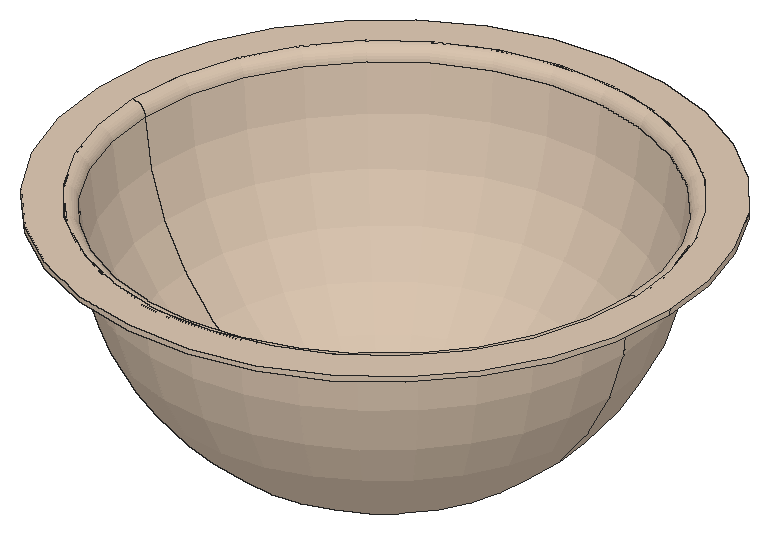
Revit family "equip-sink-undr-elkay-single-lustertone-ELUH12-CU", category Plumbing Fixtures, Revit 2019
Family settings
  Round Connector Dimension = Use Radius
  Part Type = Normal
  OmniClass Number = 23.45.05.14.14.27
  OmniClass Title = Service Sinks
  Work Plane-Based = No
  Always vertical = Yes
  Cut with Voids When Loaded = No
  Shared = No
  Room Calculation Point = No
Parameters
  URL = "www.elkayusa.com"
  Specification Sheet URL = "http://www.elkayusa.com/cps/rde/xbcr/elkay/1-457.pdf"
  Sink Width = 1' - 2 3/8"  # constant formula
  Sink Material = Metal - Copper
  Sink Length = 1' - 2 3/8"  # constant formula
  Sink Ledge Width = 0' - 1 3/16"  # constant formula
  Sink Depth = 0' - 6"  # constant formula
  Sanitary Flow Rate = 10 GPM
  OmniClass Title = "Service Sinks"
  OmniClass Number = "23.45.05.14.14.27"
  Nominal Radius = Nominal Dia / 2  # 0' - 0 3/4"
  Nominal Dia = 0' - 1 1/2"
  Model = "ELUH15-CU"  # constant formula
  MasterFormat Title = "Commercial Sinks"
  MasterFormat Number = "22.42.16.16"
  Manufacturer = "Elkay Manufacturing"  # constant formula
  Installation Sheet URL = ""
  Drain Location = Sink Width / 2  # 0' - 7 3/16"
  Description = "Lustertone Sink"  # constant formula
  Date Created = "2012-02-24"
  Bowl Width = Sink Width - (Sink Ledge Width * 2)  # 1' - 0"
  Bowl Length = Sink Length - (Sink Ledge Width * 2)  # 1' - 0"
  Assembly Code = "D2010440"
Reference planes (in)
  plane 1 "CL Sink Hole": y = 0.28063
  plane 2 "Top": z = 0
  plane 3 "Center (Left/Right)": x = 0
  plane 4 "Basin Edge Front": y = -5.6875
  plane 5 "drain return screen back": y = -5.75
  plane 6 "Drain Pipe Vert CL": y = -6.26172
  plane 7 "drain front fitting right": x = 0.5625
  plane 8 "drain front fitting left": x = -0.5625
  plane 9: y = -0.71937
  plane 10 "Bottom Sink Top Face": z = -5.95313
  plane 11: z = -0.0625
  plane 12: z = -0.12119
  plane 13: z = -6.0625
  plane 14: z = -1.98057
  plane 15: z = -1.61782
  plane 16: z = -6.38959
  plane 17 "Overflow Middle of Horizontal at Drain": z = -7.10834
  plane 18: z = -2.43315
  plane 19: z = -0.93315
  plane 20 "Masking Region": z = 1.25
  plane 21 "New Center": y = 0.28063
  plane 22 "Center (Front/Back)": y = 0.28063
  plane 23 "Back": y = 7.46813
  plane 24 "Front": y = -6.90687
  plane 25 "Right": x = 7.1875
  plane 26 "Left": x = -7.1875
Forms (in)
  Sweep 1, solid, material "Metal - Copper" <- "Sink Material"
    path origin (0, 0, -5.95313) x (-1, 0, 0) y (0, -1, 0)
      loop
        circle (0, -0.28063) r 0.84
    profile origin (0, -0.55937, -5.95313) x (0, 1, 0) y (0, 0, 1)
      loop
        line (0, -0.398) -> (-0.10022, -0.398)
        arc (-0.10022, -0.398) -> (-0.12446, -0.39311) -> (-0.14491, -0.37919) r 0.0625
        line (-0.14491, -0.37919) -> (-0.45181, -0.06528)
        arc (-0.45181, -0.06528) -> (-0.52878, -0.01893) -> (-0.61716, -0.00278) r 0.25
        line (-0.61716, -0.00278) -> (-0.61716, -0.04966)
        arc (-0.61716, -0.04966) -> (-0.54612, -0.06249) -> (-0.48405, -0.09936) r 0.20313
        line (-0.48405, -0.09936) -> (-0.17843, -0.41196)
        arc (-0.17843, -0.41196) -> (-0.14265, -0.43631) -> (-0.10022, -0.44488) r 0.10938
        line (-0.10022, -0.44488) -> (0, -0.44488) -> (0, -0.398)
  Sweep 2, solid, material "Metal - Copper" <- "Sink Material"
    path origin (0, 0.46875, 0) x (1, 0, 0) y (0, 1, 0)
      loop
        circle (0, -0.18812) r 7.1875
    profile origin (0, 7.46813, 0) x (0, -1, 0) y (0, 0, 1)
      loop
        line (0, 0) -> (0, -0.125) -> (0.83359, -0.125)
        arc (0.83359, -0.125) -> (0.9639, -0.17769) -> (1.02098, -0.30613) r 0.1875
        arc (1.02098, -0.30613) -> (2.40124, -3.98606) -> (5.72656, -6.0811) r 6.1566
        line (5.72656, -6.0811) -> (5.72656, -5.95242)
        arc (5.72656, -5.95242) -> (2.4886, -3.89536) -> (1.14591, -0.30189) r 6.0316
        arc (1.14591, -0.30189) -> (1.05078, -0.08781) -> (0.83359, 0) r 0.3125
        line (0.83359, 0) -> (0, 0)
  Extrusion 3, solid, material "Glass", not visible
    sketch origin (0, 0, -7.10834) x (0, 1, 0) y (-1, 0, 0)
      loop
        circle (0.28063, 0) r 0.75
    from 0 to 0.71875
Lines and regions (in)
  Masking region 1
    outline origin (0, 0, 1.25) x (0, -1, 0) y (1, 0, 0)
      loop
        circle (-0.28063, 0) r 5.8125
  Masking region 2
    outline origin (0, 0, 0) x (1, 0, 0) y (0, 1, 0)
      loop
        circle (0, 0.28063) r 6
      loop
        circle (0, 0.28063) r 5.8125
  reference lines, not visible
    curve 1: circle (0, 0.28063, 0) r 0.84 normal (0, 0, 1)
    curve 2: circle (0, 0.28063, 0) r 1.45716 normal (0, 0, 1)
    curve 5: circle (0, 0.28063, -7.10834) r 0.75 normal (0, 0, 1)
  symbolic lines, style "Sinks"
    curve 3: circle (0, 0.28063, 1.25) r 0.84 normal (0, 0, 1)
    curve 4: circle (0, 0.28063, 1.25) r 1.45716 normal (0, 0, 1)
Dimensions and locks (in)
  locked: plane 5 "drain return screen back" to plane 4 "Basin Edge Front" at 0.0625
  locked: plane 1 "CL Sink Hole" to plane 9 at 1
  locked: plane 4 "Basin Edge Front" to plane 6 "Drain Pipe Vert CL" at 0.57422
  locked: plane 17 "Overflow Middle of Horizontal at Drain" to plane 16 at 0.71875
  locked: plane 15 to plane 18 at 0.81533
  locked: plane 19 to plane 18 at 1.5
  plane 8 "drain front fitting left" to plane 3 "Center (Left/Right)" to plane 7 "drain front fitting right" = 0' - 0 9/16" locked, 0' - 0 9/16" locked
  locked: plane 20 "Masking Region" to plane 2 "Top" at 1.25
  locked: plane 2 "Top" to plane 11 at 0.0625
  locked: plane 2 "Top" to plane 12 at 0.12119
  locked: plane 2 "Top" to plane 19 at 0.93315
  locked: plane 2 "Top" to plane 14 at 1.98057
  locked: plane 2 "Top" to plane 10 "Bottom Sink Top Face" at 5.95313
  plane 10 "Bottom Sink Top Face" to plane 13 = 0' - 0 7/64"
  locked: plane 10 "Bottom Sink Top Face" to plane 16 at 0.43647
  locked: plane 22 "Center (Front/Back)" to plane 1 "CL Sink Hole"
  equal spacing: plane 26 "Left", plane 3 "Center (Left/Right)", plane 25 "Right"
  equal spacing: plane 23 "Back", plane 22 "Center (Front/Back)", plane 24 "Front"
  locked: plane 26 "Left" to plane 25 "Right" at 14.375
  locked: plane 23 "Back" to plane 24 "Front" at 14.375
  locked: plane 5 "drain return screen back" to plane 24 "Front" at 1.15687
  "Nominal Radius": radius of curve 5
  radius of curve 4 = 0' - 1.45716"
  aligned and locked: Extrusion 3 sketch curve to curve 5
  aligned and locked: Extrusion 3 to plane 17 "Overflow Middle of Horizontal at Drain"
  aligned and locked: Extrusion 3 to plane 16
Automatic sketch dimensions
  Sweep 1 sketch curve to Sweep 1 sketch curve = 0' - 0"  (x4)
  Sweep 1 sketch curve to profile plane = 0' - 0"
  profile plane to Sweep 1 sketch curve = 0' - 0.10022"
  Sweep 1 sketch curve to Sweep 1 sketch curve = 0' - 0.04469"
  Sweep 1 sketch curve to Sweep 1 sketch curve = 0' - 0.03352"
  Sweep 1 sketch curve to plane 10 "Bottom Sink Top Face" = 0' - 0.06528"
  Sweep 1 sketch curve to Sweep 1 sketch curve = 0' - 0.30689"
  Sweep 1 sketch curve to plane 10 "Bottom Sink Top Face" = 0' - 0.09936"
  Sweep 1 sketch curve to Sweep 1 sketch curve = 0' - 0.03224"
  Sweep 1 sketch curve to plane 10 "Bottom Sink Top Face" = 0' - 0.00278"
  Sweep 1 sketch curve to Sweep 1 sketch curve = 0' - 0.13312"
  Sweep 1 sketch curve to plane 10 "Bottom Sink Top Face" = 0' - 0.3355"
  Sweep 1 sketch curve to Sweep 1 sketch curve = 0' - 0.04369"
  Sweep 1 sketch curve to Sweep 1 sketch curve = 0' - 0.03277"
  plane 1 "CL Sink Hole" to curve 4 = 0' - 0"
  curve 4 to plane 3 "Center (Left/Right)" = 0' - 0"
  curve 3 to curve 4 = 0' - 0"  (x2)
  plane 1 "CL Sink Hole" to Sweep 1 sketch curve = 0' - 0"
  Sweep 1 sketch curve to plane 3 "Center (Left/Right)" = 0' - 0"
  curve 1 to curve 2 = 0' - 0"  (x2)
  plane 1 "CL Sink Hole" to curve 2 = 0' - 0"
  curve 2 to plane 3 "Center (Left/Right)" = 0' - 0"
  plane 1 "CL Sink Hole" to curve 5 = 0' - 0"
  curve 5 to plane 3 "Center (Left/Right)" = 0' - 0"
  Sweep 2 sketch curve to plane 3 "Center (Left/Right)" = 0' - 0"
  Sweep 2 sketch curve to plane 21 "New Center" = 0' - 0"
  plane 1 "CL Sink Hole" to Masking region 1 sketch curve = 0' - 0"
  Masking region 1 sketch curve to plane 3 "Center (Left/Right)" = 0' - 0"
  Masking region 2 sketch curve to Masking region 2 sketch curve = 0' - 0"  (x2)
  plane 1 "CL Sink Hole" to Masking region 2 sketch curve = 0' - 0"
  Masking region 2 sketch curve to plane 3 "Center (Left/Right)" = 0' - 0"
  Sweep 2 sketch curve to Sweep 2 sketch curve = 0' - 0"  (x6)
  Sweep 2 sketch curve to profile plane = 0' - 0"
  Sweep 2 sketch curve to Sweep 2 sketch curve = 0' - 0.83359"
  Sweep 2 sketch curve to Sweep 2 sketch curve = 0' - 0.18739"
  Sweep 2 sketch curve to Sweep 2 sketch curve = 0' - 0.12493"
  Sweep 2 sketch curve to Sweep 2 sketch curve = 0' - 4.58065"
  Sweep 2 sketch curve to Sweep 2 sketch curve = 0' - 1.44747"
  Sweep 2 sketch curve to level = 0' - 6.0811"
  Sweep 2 sketch curve to Sweep 2 sketch curve = 0' - 0.12868"
  radius of curve 4 = 0' - 1.45716"
  radius of curve 3 = 0' - 0.84"
  radius of Sweep 1 sketch curve = 0' - 0.84"
  radius of curve 1 = 0' - 0.84"
  radius of curve 2 = 0' - 1.45716"
  radius of Sweep 2 sketch curve = 0' - 7 3/16"
  radius of Masking region 1 sketch curve = 0' - 5 13/16"
  radius of Masking region 2 sketch curve = 0' - 6"
  radius of Masking region 2 sketch curve = 0' - 5 13/16"
Connectors (in)
  piping at (0, 0.28063, -6.38959), diameter 1.5, driven by "Nominal Radius", driven by "Sanitary Flow Rate"
    settings: on Extrusion 3, index 1, connector inside diameter 1 1/2", connector length 0' - 0", flow factor 0, pipe flow 10 GPM, pressure drop 0.00 psi, fitting loss kfactor 0, connector angle 0.00°, fixture units 0, engagement length 0' - 0", angle of deflection 0.00°, flow configuration 1, flow direction 2, fitting loss method 0, system type 16, joint type 0, gender type 0, connector reference index -1, connector utility 0, adjustable connector yes, is connector primary yes, connector description "Sink Drain"
